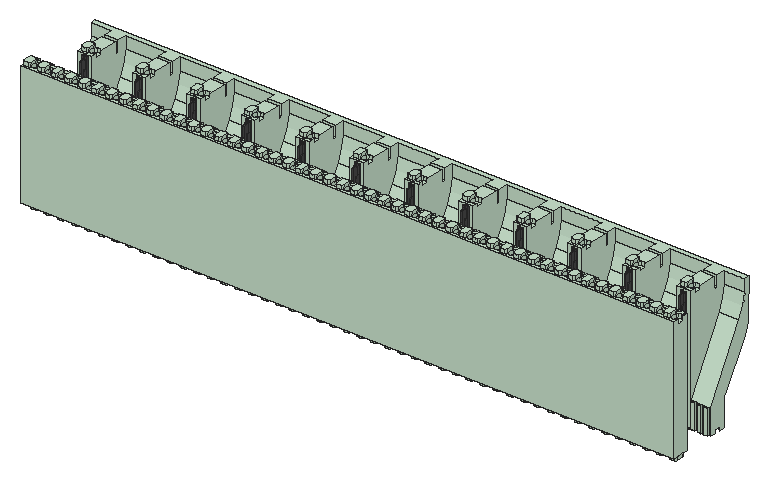
Revit family
Parameters (values of type "Standard 6" Form Unit")
  Core Thickness = 0' - 6"
Reference planes (in)
  plane 1 "Center (Front/Back)": y = 0
  plane 2: z = 0
  plane 3 "Center (Left/Right)": x = 0
  plane 4: x = 96
  plane 5: y = 2
  plane 6: y = -2
  plane 7: y = 4.625
  plane 8: y = -4.625
  plane 9: z = 18
  plane 10: z = 18.5
  plane 11: z = -0.5
Forms (in)
  Extrusion 1, solid, material "NUDURA Expanded Polystyrene Foam Insulation"
    sketch origin (0, 0, 0) x (1, 0, 0) y (0, 1, 0)
      loop
        line (0.28117, -2.25) -> (0, -2.25) -> (0, -4.625) -> (96, -4.625) -> (96, -2.25) -> (95.71883, -2.25) -> (95.78117, -2) -> (95.21883, -2) -> (95.28117, -2.25) -> (94.71883, -2.25) -> (94.78117, -2) -> (94.21883, -2) -> (94.28117, -2.25) -> (93.71883, -2.25) -> (93.78117, -2) -> (93.21883, -2) -> (93.28117, -2.25) -> (90.71883, -2.25) -> (90.78117, -2) -> (90.21883, -2) -> (90.28117, -2.25) -> (89.71883, -2.25) -> (89.78117, -2) -> (89.21883, -2) -> (89.28117, -2.25) -> (88.71883, -2.25) -> (88.78117, -2) -> (88.21883, -2) -> (88.28117, -2.25) -> (87.71883, -2.25) -> (87.78117, -2) -> (87.21883, -2) -> (87.28117, -2.25) -> (86.71883, -2.25) -> (86.78117, -2) -> (86.21883, -2) -> (86.28117, -2.25) -> (85.71883, -2.25) -> (85.78117, -2) -> (85.21883, -2) -> (85.28117, -2.25) -> (82.71883, -2.25) -> (82.78117, -2) -> (82.21883, -2) -> (82.28117, -2.25) -> (81.71883, -2.25) -> (81.78117, -2) -> (81.21883, -2) -> (81.28117, -2.25) -> (80.71883, -2.25) -> (80.78117, -2) -> (80.21883, -2) -> (80.28117, -2.25) -> (79.71883, -2.25) -> (79.78117, -2) -> (79.21883, -2) -> (79.28117, -2.25) -> (78.71883, -2.25) -> (78.78117, -2) -> (78.21883, -2) -> (78.28117, -2.25) -> (77.71883, -2.25) -> (77.78117, -2) -> (77.21883, -2) -> (77.28117, -2.25) -> (74.71883, -2.25) -> (74.78117, -2) -> (74.21883, -2) -> (74.28117, -2.25) -> (73.71883, -2.25) -> (73.78117, -2) -> (73.21883, -2) -> (73.28117, -2.25) -> (72.71883, -2.25) -> (72.78117, -2) -> (72.21883, -2) -> (72.28117, -2.25) -> (71.71883, -2.25) -> (71.78117, -2) -> (71.21883, -2) -> (71.28117, -2.25) -> (70.71883, -2.25) -> (70.78117, -2) -> (70.21883, -2) -> (70.28117, -2.25) -> (69.71883, -2.25) -> (69.78117, -2) -> (69.21883, -2) -> (69.28117, -2.25) -> (66.71883, -2.25) -> (66.78117, -2) -> (66.21883, -2) -> (66.28117, -2.25) -> (65.71883, -2.25) -> (65.78117, -2) -> (65.21883, -2) -> (65.28117, -2.25) -> (64.71883, -2.25) -> (64.78117, -2) -> (64.21883, -2) -> (64.28117, -2.25) -> (63.71883, -2.25) -> (63.78117, -2) -> (63.21883, -2) -> (63.28117, -2.25) -> (62.71883, -2.25) -> (62.78117, -2) -> (62.21883, -2) -> (62.28117, -2.25) -> (61.71883, -2.25) -> (61.78117, -2) -> (61.21883, -2) -> (61.28117, -2.25) -> (58.71883, -2.25) -> (58.78117, -2) -> (58.21883, -2) -> (58.28117, -2.25) -> (57.71883, -2.25) -> (57.78117, -2) -> (57.21883, -2) -> (57.28117, -2.25) -> (56.71883, -2.25) -> (56.78117, -2) -> (56.21883, -2) -> (56.28117, -2.25) -> (55.71883, -2.25) -> (55.78117, -2) -> (55.21883, -2) -> (55.28117, -2.25) -> (54.71883, -2.25) -> (54.78117, -2) -> (54.21883, -2) -> (54.28117, -2.25) -> (53.71883, -2.25) -> (53.78117, -2) -> (53.21883, -2) -> (53.28117, -2.25) -> (50.71883, -2.25) -> (50.78117, -2) -> (50.21883, -2) -> (50.28117, -2.25) -> (49.71883, -2.25) -> (49.78117, -2) -> (49.21883, -2) -> (49.28117, -2.25) -> (48.71883, -2.25) -> (48.78117, -2) -> (48.21883, -2) -> (48.28117, -2.25) -> (47.71883, -2.25) -> (47.78117, -2) -> (47.21883, -2) -> (47.28117, -2.25) -> (46.71883, -2.25) -> (46.78117, -2) -> (46.21883, -2) -> (46.28117, -2.25) -> (45.71883, -2.25) -> (45.78117, -2) -> (45.21883, -2) -> (45.28117, -2.25) -> (42.71883, -2.25) -> (42.78117, -2) -> (42.21883, -2) -> (42.28117, -2.25) -> (41.71883, -2.25) -> (41.78117, -2) -> (41.21883, -2) -> (41.28117, -2.25) -> (40.71883, -2.25) -> (40.78117, -2) -> (40.21883, -2) -> (40.28117, -2.25) -> (39.71883, -2.25) -> (39.78117, -2) -> (39.21883, -2) -> (39.28117, -2.25) -> (38.71883, -2.25) -> (38.78117, -2) -> (38.21883, -2) -> (38.28117, -2.25) -> (37.71883, -2.25) -> (37.78117, -2) -> (37.21883, -2) -> (37.28117, -2.25) -> (34.71883, -2.25) -> (34.78117, -2) -> (34.21883, -2) -> (34.28117, -2.25) -> (33.71883, -2.25) -> (33.78117, -2) -> (33.21883, -2) -> (33.28117, -2.25) -> (32.71883, -2.25) -> (32.78117, -2) -> (32.21883, -2) -> (32.28117, -2.25) -> (31.71883, -2.25) -> (31.78117, -2) -> (31.21883, -2) -> (31.28117, -2.25) -> (30.71883, -2.25) -> (30.78117, -2) -> (30.21883, -2) -> (30.28117, -2.25) -> (29.71883, -2.25) -> (29.78117, -2) -> (29.21883, -2) -> (29.28117, -2.25) -> (26.71883, -2.25) -> (26.78117, -2) -> (26.21883, -2) -> (26.28117, -2.25) -> (25.71883, -2.25) -> (25.78117, -2) -> (25.21883, -2) -> (25.28117, -2.25) -> (24.71883, -2.25) -> (24.78117, -2) -> (24.21883, -2) -> (24.28117, -2.25) -> (23.71883, -2.25) -> (23.78117, -2) -> (23.21883, -2) -> (23.28117, -2.25) -> (22.71883, -2.25) -> (22.78117, -2) -> (22.21883, -2) -> (22.28117, -2.25) -> (21.71883, -2.25) -> (21.78117, -2) -> (21.21883, -2) -> (21.28117, -2.25) -> (18.71883, -2.25) -> (18.78117, -2) -> (18.21883, -2) -> (18.28117, -2.25) -> (17.71883, -2.25) -> (17.78117, -2) -> (17.21883, -2) -> (17.28117, -2.25) -> (16.71883, -2.25) -> (16.78117, -2) -> (16.21883, -2) -> (16.28117, -2.25) -> (15.71883, -2.25) -> (15.78117, -2) -> (15.21883, -2) -> (15.28117, -2.25) -> (14.71883, -2.25) -> (14.78117, -2) -> (14.21883, -2) -> (14.28117, -2.25) -> (13.71883, -2.25) -> (13.78117, -2) -> (13.21883, -2) -> (13.28117, -2.25) -> (10.71883, -2.25) -> (10.78117, -2) -> (10.21883, -2) -> (10.28117, -2.25) -> (9.71883, -2.25) -> (9.78117, -2) -> (9.21883, -2) -> (9.28117, -2.25) -> (8.71883, -2.25) -> (8.78117, -2) -> (8.21883, -2) -> (8.28117, -2.25) -> (7.71883, -2.25) -> (7.78117, -2) -> (7.21883, -2) -> (7.28117, -2.25) -> (6.71883, -2.25) -> (6.78117, -2) -> (6.21883, -2) -> (6.28117, -2.25) -> (5.71883, -2.25) -> (5.78117, -2) -> (5.21883, -2) -> (5.28117, -2.25) -> (2.71883, -2.25) -> (2.78117, -2) -> (2.21883, -2) -> (2.28117, -2.25) -> (1.71883, -2.25) -> (1.78117, -2) -> (1.21883, -2) -> (1.28117, -2.25) -> (0.71883, -2.25) -> (0.78117, -2) -> (0.21883, -2) -> (0.28117, -2.25)
    from 0 to 18
  Extrusion 2, void
    sketch origin (0, 1, 0) x (1, 0, 0) y (0, 1, 0)
      loop
        arc (1, -4.89808) -> (1.04785, -5.04517) -> (1.17308, -5.13595) r 0.25
        arc (1.17308, -5.13595) -> (1.5, -5.1875) -> (1.82692, -5.13595) r 1.0625
        arc (1.82692, -5.13595) -> (1.95215, -5.04517) -> (2, -4.89808) r 0.25
        line (2, -4.89808) -> (2, -3.97692)
        arc (2, -3.97692) -> (1.98276, -3.88568) -> (1.9334, -3.80702) r 0.25
        arc (1.9334, -3.80702) -> (1.92106, -3.78736) -> (1.91675, -3.76455) r 0.0625
        line (1.91675, -3.76455) -> (1.91675, -3.41845) -> (1.74592, -3.41845) -> (1.74592, -3.64005)
        arc (1.74592, -3.64005) -> (1.72385, -3.68771) -> (1.67323, -3.70172) r 0.0625
        arc (1.67323, -3.70172) -> (1.42092, -3.69045) -> (1.17308, -3.73905) r 1.0625
        arc (1.17308, -3.73905) -> (1.04785, -3.82983) -> (1, -3.97692) r 0.25
        line (1, -3.97692) -> (1, -4.89808)
    from 18 to 17.5
  Extrusion 3, void
    sketch origin (2, 1, 0) x (1, 0, 0) y (0, 1, 0)
      loop
        arc (1, -4.89808) -> (1.04785, -5.04517) -> (1.17308, -5.13595) r 0.25
        arc (1.17308, -5.13595) -> (1.5, -5.1875) -> (1.82692, -5.13595) r 1.0625
        arc (1.82692, -5.13595) -> (1.95215, -5.04517) -> (2, -4.89808) r 0.25
        line (2, -4.89808) -> (2, -3.97692)
        arc (2, -3.97692) -> (1.98276, -3.88568) -> (1.9334, -3.80702) r 0.25
        arc (1.9334, -3.80702) -> (1.92106, -3.78736) -> (1.91675, -3.76455) r 0.0625
        line (1.91675, -3.76455) -> (1.91675, -3.41845) -> (1.74592, -3.41845) -> (1.74592, -3.64005)
        arc (1.74592, -3.64005) -> (1.72385, -3.68771) -> (1.67323, -3.70172) r 0.0625
        arc (1.67323, -3.70172) -> (1.42092, -3.69045) -> (1.17308, -3.73905) r 1.0625
        arc (1.17308, -3.73905) -> (1.04785, -3.82983) -> (1, -3.97692) r 0.25
        line (1, -3.97692) -> (1, -4.89808)
    from 18 to 17.5
  Extrusion 4, void
    sketch origin (4, 1, 0) x (1, 0, 0) y (0, 1, 0)
      loop
        arc (1, -4.89808) -> (1.04785, -5.04517) -> (1.17308, -5.13595) r 0.25
        arc (1.17308, -5.13595) -> (1.5, -5.1875) -> (1.82692, -5.13595) r 1.0625
        arc (1.82692, -5.13595) -> (1.95215, -5.04517) -> (2, -4.89808) r 0.25
        line (2, -4.89808) -> (2, -3.97692)
        arc (2, -3.97692) -> (1.98276, -3.88568) -> (1.9334, -3.80702) r 0.25
        arc (1.9334, -3.80702) -> (1.92106, -3.78736) -> (1.91675, -3.76455) r 0.0625
        line (1.91675, -3.76455) -> (1.91675, -3.41845) -> (1.74592, -3.41845) -> (1.74592, -3.64005)
        arc (1.74592, -3.64005) -> (1.72385, -3.68771) -> (1.67323, -3.70172) r 0.0625
        arc (1.67323, -3.70172) -> (1.42092, -3.69045) -> (1.17308, -3.73905) r 1.0625
        arc (1.17308, -3.73905) -> (1.04785, -3.82983) -> (1, -3.97692) r 0.25
        line (1, -3.97692) -> (1, -4.89808)
    from 18 to 17.5
  Extrusion 5, void
    sketch origin (6, 1, 0) x (1, 0, 0) y (0, 1, 0)
      loop
        arc (1, -4.89808) -> (1.04785, -5.04517) -> (1.17308, -5.13595) r 0.25
        arc (1.17308, -5.13595) -> (1.5, -5.1875) -> (1.82692, -5.13595) r 1.0625
        arc (1.82692, -5.13595) -> (1.95215, -5.04517) -> (2, -4.89808) r 0.25
        line (2, -4.89808) -> (2, -3.97692)
        arc (2, -3.97692) -> (1.98276, -3.88568) -> (1.9334, -3.80702) r 0.25
        arc (1.9334, -3.80702) -> (1.92106, -3.78736) -> (1.91675, -3.76455) r 0.0625
        line (1.91675, -3.76455) -> (1.91675, -3.41845) -> (1.74592, -3.41845) -> (1.74592, -3.64005)
        arc (1.74592, -3.64005) -> (1.72385, -3.68771) -> (1.67323, -3.70172) r 0.0625
        arc (1.67323, -3.70172) -> (1.42092, -3.69045) -> (1.17308, -3.73905) r 1.0625
        arc (1.17308, -3.73905) -> (1.04785, -3.82983) -> (1, -3.97692) r 0.25
        line (1, -3.97692) -> (1, -4.89808)
    from 18 to 17.5
  Extrusion 6, void
    sketch origin (8, 1, 0) x (1, 0, 0) y (0, 1, 0)
      loop
        arc (1, -4.89808) -> (1.04785, -5.04517) -> (1.17308, -5.13595) r 0.25
        arc (1.17308, -5.13595) -> (1.5, -5.1875) -> (1.82692, -5.13595) r 1.0625
        arc (1.82692, -5.13595) -> (1.95215, -5.04517) -> (2, -4.89808) r 0.25
        line (2, -4.89808) -> (2, -3.97692)
        arc (2, -3.97692) -> (1.98276, -3.88568) -> (1.9334, -3.80702) r 0.25
        arc (1.9334, -3.80702) -> (1.92106, -3.78736) -> (1.91675, -3.76455) r 0.0625
        line (1.91675, -3.76455) -> (1.91675, -3.41845) -> (1.74592, -3.41845) -> (1.74592, -3.64005)
        arc (1.74592, -3.64005) -> (1.72385, -3.68771) -> (1.67323, -3.70172) r 0.0625
        arc (1.67323, -3.70172) -> (1.42092, -3.69045) -> (1.17308, -3.73905) r 1.0625
        arc (1.17308, -3.73905) -> (1.04785, -3.82983) -> (1, -3.97692) r 0.25
        line (1, -3.97692) -> (1, -4.89808)
    from 18 to 17.5
  Extrusion 7, void
    sketch origin (10, 1, 0) x (1, 0, 0) y (0, 1, 0)
      loop
        arc (1, -4.89808) -> (1.04785, -5.04517) -> (1.17308, -5.13595) r 0.25
        arc (1.17308, -5.13595) -> (1.5, -5.1875) -> (1.82692, -5.13595) r 1.0625
        arc (1.82692, -5.13595) -> (1.95215, -5.04517) -> (2, -4.89808) r 0.25
        line (2, -4.89808) -> (2, -3.97692)
        arc (2, -3.97692) -> (1.98276, -3.88568) -> (1.9334, -3.80702) r 0.25
        arc (1.9334, -3.80702) -> (1.92106, -3.78736) -> (1.91675, -3.76455) r 0.0625
        line (1.91675, -3.76455) -> (1.91675, -3.41845) -> (1.74592, -3.41845) -> (1.74592, -3.64005)
        arc (1.74592, -3.64005) -> (1.72385, -3.68771) -> (1.67323, -3.70172) r 0.0625
        arc (1.67323, -3.70172) -> (1.42092, -3.69045) -> (1.17308, -3.73905) r 1.0625
        arc (1.17308, -3.73905) -> (1.04785, -3.82983) -> (1, -3.97692) r 0.25
        line (1, -3.97692) -> (1, -4.89808)
    from 18 to 17.5
  Extrusion 8, void
    sketch origin (12, 1, 0) x (1, 0, 0) y (0, 1, 0)
      loop
        arc (1, -4.89808) -> (1.04785, -5.04517) -> (1.17308, -5.13595) r 0.25
        arc (1.17308, -5.13595) -> (1.5, -5.1875) -> (1.82692, -5.13595) r 1.0625
        arc (1.82692, -5.13595) -> (1.95215, -5.04517) -> (2, -4.89808) r 0.25
        line (2, -4.89808) -> (2, -3.97692)
        arc (2, -3.97692) -> (1.98276, -3.88568) -> (1.9334, -3.80702) r 0.25
        arc (1.9334, -3.80702) -> (1.92106, -3.78736) -> (1.91675, -3.76455) r 0.0625
        line (1.91675, -3.76455) -> (1.91675, -3.41845) -> (1.74592, -3.41845) -> (1.74592, -3.64005)
        arc (1.74592, -3.64005) -> (1.72385, -3.68771) -> (1.67323, -3.70172) r 0.0625
        arc (1.67323, -3.70172) -> (1.42092, -3.69045) -> (1.17308, -3.73905) r 1.0625
        arc (1.17308, -3.73905) -> (1.04785, -3.82983) -> (1, -3.97692) r 0.25
        line (1, -3.97692) -> (1, -4.89808)
    from 18 to 17.5
  Extrusion 9, void
    sketch origin (14, 1, 0) x (1, 0, 0) y (0, 1, 0)
      loop
        arc (1, -4.89808) -> (1.04785, -5.04517) -> (1.17308, -5.13595) r 0.25
        arc (1.17308, -5.13595) -> (1.5, -5.1875) -> (1.82692, -5.13595) r 1.0625
        arc (1.82692, -5.13595) -> (1.95215, -5.04517) -> (2, -4.89808) r 0.25
        line (2, -4.89808) -> (2, -3.97692)
        arc (2, -3.97692) -> (1.98276, -3.88568) -> (1.9334, -3.80702) r 0.25
        arc (1.9334, -3.80702) -> (1.92106, -3.78736) -> (1.91675, -3.76455) r 0.0625
        line (1.91675, -3.76455) -> (1.91675, -3.41845) -> (1.74592, -3.41845) -> (1.74592, -3.64005)
        arc (1.74592, -3.64005) -> (1.72385, -3.68771) -> (1.67323, -3.70172) r 0.0625
        arc (1.67323, -3.70172) -> (1.42092, -3.69045) -> (1.17308, -3.73905) r 1.0625
        arc (1.17308, -3.73905) -> (1.04785, -3.82983) -> (1, -3.97692) r 0.25
        line (1, -3.97692) -> (1, -4.89808)
    from 18 to 17.5
  Extrusion 10, void
    sketch origin (16, 1, 0) x (1, 0, 0) y (0, 1, 0)
      loop
        arc (1, -4.89808) -> (1.04785, -5.04517) -> (1.17308, -5.13595) r 0.25
        arc (1.17308, -5.13595) -> (1.5, -5.1875) -> (1.82692, -5.13595) r 1.0625
        arc (1.82692, -5.13595) -> (1.95215, -5.04517) -> (2, -4.89808) r 0.25
        line (2, -4.89808) -> (2, -3.97692)
        arc (2, -3.97692) -> (1.98276, -3.88568) -> (1.9334, -3.80702) r 0.25
        arc (1.9334, -3.80702) -> (1.92106, -3.78736) -> (1.91675, -3.76455) r 0.0625
        line (1.91675, -3.76455) -> (1.91675, -3.41845) -> (1.74592, -3.41845) -> (1.74592, -3.64005)
        arc (1.74592, -3.64005) -> (1.72385, -3.68771) -> (1.67323, -3.70172) r 0.0625
        arc (1.67323, -3.70172) -> (1.42092, -3.69045) -> (1.17308, -3.73905) r 1.0625
        arc (1.17308, -3.73905) -> (1.04785, -3.82983) -> (1, -3.97692) r 0.25
        line (1, -3.97692) -> (1, -4.89808)
    from 18 to 17.5
  Extrusion 11, void
    sketch origin (18, 1, 0) x (1, 0, 0) y (0, 1, 0)
      loop
        arc (1, -4.89808) -> (1.04785, -5.04517) -> (1.17308, -5.13595) r 0.25
        arc (1.17308, -5.13595) -> (1.5, -5.1875) -> (1.82692, -5.13595) r 1.0625
        arc (1.82692, -5.13595) -> (1.95215, -5.04517) -> (2, -4.89808) r 0.25
        line (2, -4.89808) -> (2, -3.97692)
        arc (2, -3.97692) -> (1.98276, -3.88568) -> (1.9334, -3.80702) r 0.25
        arc (1.9334, -3.80702) -> (1.92106, -3.78736) -> (1.91675, -3.76455) r 0.0625
        line (1.91675, -3.76455) -> (1.91675, -3.41845) -> (1.74592, -3.41845) -> (1.74592, -3.64005)
        arc (1.74592, -3.64005) -> (1.72385, -3.68771) -> (1.67323, -3.70172) r 0.0625
        arc (1.67323, -3.70172) -> (1.42092, -3.69045) -> (1.17308, -3.73905) r 1.0625
        arc (1.17308, -3.73905) -> (1.04785, -3.82983) -> (1, -3.97692) r 0.25
        line (1, -3.97692) -> (1, -4.89808)
    from 18 to 17.5
  Extrusion 12, void
    sketch origin (20, 1, 0) x (1, 0, 0) y (0, 1, 0)
      loop
        arc (1, -4.89808) -> (1.04785, -5.04517) -> (1.17308, -5.13595) r 0.25
        arc (1.17308, -5.13595) -> (1.5, -5.1875) -> (1.82692, -5.13595) r 1.0625
        arc (1.82692, -5.13595) -> (1.95215, -5.04517) -> (2, -4.89808) r 0.25
        line (2, -4.89808) -> (2, -3.97692)
        arc (2, -3.97692) -> (1.98276, -3.88568) -> (1.9334, -3.80702) r 0.25
        arc (1.9334, -3.80702) -> (1.92106, -3.78736) -> (1.91675, -3.76455) r 0.0625
        line (1.91675, -3.76455) -> (1.91675, -3.41845) -> (1.74592, -3.41845) -> (1.74592, -3.64005)
        arc (1.74592, -3.64005) -> (1.72385, -3.68771) -> (1.67323, -3.70172) r 0.0625
        arc (1.67323, -3.70172) -> (1.42092, -3.69045) -> (1.17308, -3.73905) r 1.0625
        arc (1.17308, -3.73905) -> (1.04785, -3.82983) -> (1, -3.97692) r 0.25
        line (1, -3.97692) -> (1, -4.89808)
    from 18 to 17.5
  Extrusion 13, void
    sketch origin (22, 1, 0) x (1, 0, 0) y (0, 1, 0)
      loop
        arc (1, -4.89808) -> (1.04785, -5.04517) -> (1.17308, -5.13595) r 0.25
        arc (1.17308, -5.13595) -> (1.5, -5.1875) -> (1.82692, -5.13595) r 1.0625
        arc (1.82692, -5.13595) -> (1.95215, -5.04517) -> (2, -4.89808) r 0.25
        line (2, -4.89808) -> (2, -3.97692)
        arc (2, -3.97692) -> (1.98276, -3.88568) -> (1.9334, -3.80702) r 0.25
        arc (1.9334, -3.80702) -> (1.92106, -3.78736) -> (1.91675, -3.76455) r 0.0625
        line (1.91675, -3.76455) -> (1.91675, -3.41845) -> (1.74592, -3.41845) -> (1.74592, -3.64005)
        arc (1.74592, -3.64005) -> (1.72385, -3.68771) -> (1.67323, -3.70172) r 0.0625
        arc (1.67323, -3.70172) -> (1.42092, -3.69045) -> (1.17308, -3.73905) r 1.0625
        arc (1.17308, -3.73905) -> (1.04785, -3.82983) -> (1, -3.97692) r 0.25
        line (1, -3.97692) -> (1, -4.89808)
    from 18 to 17.5
  Extrusion 14, void
    sketch origin (24, 1, 0) x (1, 0, 0) y (0, 1, 0)
      loop
        arc (1, -4.89808) -> (1.04785, -5.04517) -> (1.17308, -5.13595) r 0.25
        arc (1.17308, -5.13595) -> (1.5, -5.1875) -> (1.82692, -5.13595) r 1.0625
        arc (1.82692, -5.13595) -> (1.95215, -5.04517) -> (2, -4.89808) r 0.25
        line (2, -4.89808) -> (2, -3.97692)
        arc (2, -3.97692) -> (1.98276, -3.88568) -> (1.9334, -3.80702) r 0.25
        arc (1.9334, -3.80702) -> (1.92106, -3.78736) -> (1.91675, -3.76455) r 0.0625
        line (1.91675, -3.76455) -> (1.91675, -3.41845) -> (1.74592, -3.41845) -> (1.74592, -3.64005)
        arc (1.74592, -3.64005) -> (1.72385, -3.68771) -> (1.67323, -3.70172) r 0.0625
        arc (1.67323, -3.70172) -> (1.42092, -3.69045) -> (1.17308, -3.73905) r 1.0625
        arc (1.17308, -3.73905) -> (1.04785, -3.82983) -> (1, -3.97692) r 0.25
        line (1, -3.97692) -> (1, -4.89808)
    from 18 to 17.5
  Extrusion 15, void
    sketch origin (26, 1, 0) x (1, 0, 0) y (0, 1, 0)
      loop
        arc (1, -4.89808) -> (1.04785, -5.04517) -> (1.17308, -5.13595) r 0.25
        arc (1.17308, -5.13595) -> (1.5, -5.1875) -> (1.82692, -5.13595) r 1.0625
        arc (1.82692, -5.13595) -> (1.95215, -5.04517) -> (2, -4.89808) r 0.25
        line (2, -4.89808) -> (2, -3.97692)
        arc (2, -3.97692) -> (1.98276, -3.88568) -> (1.9334, -3.80702) r 0.25
        arc (1.9334, -3.80702) -> (1.92106, -3.78736) -> (1.91675, -3.76455) r 0.0625
        line (1.91675, -3.76455) -> (1.91675, -3.41845) -> (1.74592, -3.41845) -> (1.74592, -3.64005)
        arc (1.74592, -3.64005) -> (1.72385, -3.68771) -> (1.67323, -3.70172) r 0.0625
        arc (1.67323, -3.70172) -> (1.42092, -3.69045) -> (1.17308, -3.73905) r 1.0625
        arc (1.17308, -3.73905) -> (1.04785, -3.82983) -> (1, -3.97692) r 0.25
        line (1, -3.97692) -> (1, -4.89808)
    from 18 to 17.5
  Extrusion 16, void
    sketch origin (28, 1, 0) x (1, 0, 0) y (0, 1, 0)
      loop
        arc (1, -4.89808) -> (1.04785, -5.04517) -> (1.17308, -5.13595) r 0.25
        arc (1.17308, -5.13595) -> (1.5, -5.1875) -> (1.82692, -5.13595) r 1.0625
        arc (1.82692, -5.13595) -> (1.95215, -5.04517) -> (2, -4.89808) r 0.25
        line (2, -4.89808) -> (2, -3.97692)
        arc (2, -3.97692) -> (1.98276, -3.88568) -> (1.9334, -3.80702) r 0.25
        arc (1.9334, -3.80702) -> (1.92106, -3.78736) -> (1.91675, -3.76455) r 0.0625
        line (1.91675, -3.76455) -> (1.91675, -3.41845) -> (1.74592, -3.41845) -> (1.74592, -3.64005)
        arc (1.74592, -3.64005) -> (1.72385, -3.68771) -> (1.67323, -3.70172) r 0.0625
        arc (1.67323, -3.70172) -> (1.42092, -3.69045) -> (1.17308, -3.73905) r 1.0625
        arc (1.17308, -3.73905) -> (1.04785, -3.82983) -> (1, -3.97692) r 0.25
        line (1, -3.97692) -> (1, -4.89808)
    from 18 to 17.5
  Extrusion 17, void
    sketch origin (30, 1, 0) x (1, 0, 0) y (0, 1, 0)
      loop
        arc (1, -4.89808) -> (1.04785, -5.04517) -> (1.17308, -5.13595) r 0.25
        arc (1.17308, -5.13595) -> (1.5, -5.1875) -> (1.82692, -5.13595) r 1.0625
        arc (1.82692, -5.13595) -> (1.95215, -5.04517) -> (2, -4.89808) r 0.25
        line (2, -4.89808) -> (2, -3.97692)
        arc (2, -3.97692) -> (1.98276, -3.88568) -> (1.9334, -3.80702) r 0.25
        arc (1.9334, -3.80702) -> (1.92106, -3.78736) -> (1.91675, -3.76455) r 0.0625
        line (1.91675, -3.76455) -> (1.91675, -3.41845) -> (1.74592, -3.41845) -> (1.74592, -3.64005)
        arc (1.74592, -3.64005) -> (1.72385, -3.68771) -> (1.67323, -3.70172) r 0.0625
        arc (1.67323, -3.70172) -> (1.42092, -3.69045) -> (1.17308, -3.73905) r 1.0625
        arc (1.17308, -3.73905) -> (1.04785, -3.82983) -> (1, -3.97692) r 0.25
        line (1, -3.97692) -> (1, -4.89808)
    from 18 to 17.5
  Extrusion 18, void
    sketch origin (32, 1, 0) x (1, 0, 0) y (0, 1, 0)
      loop
        arc (1, -4.89808) -> (1.04785, -5.04517) -> (1.17308, -5.13595) r 0.25
        arc (1.17308, -5.13595) -> (1.5, -5.1875) -> (1.82692, -5.13595) r 1.0625
        arc (1.82692, -5.13595) -> (1.95215, -5.04517) -> (2, -4.89808) r 0.25
        line (2, -4.89808) -> (2, -3.97692)
        arc (2, -3.97692) -> (1.98276, -3.88568) -> (1.9334, -3.80702) r 0.25
        arc (1.9334, -3.80702) -> (1.92106, -3.78736) -> (1.91675, -3.76455) r 0.0625
        line (1.91675, -3.76455) -> (1.91675, -3.41845) -> (1.74592, -3.41845) -> (1.74592, -3.64005)
        arc (1.74592, -3.64005) -> (1.72385, -3.68771) -> (1.67323, -3.70172) r 0.0625
        arc (1.67323, -3.70172) -> (1.42092, -3.69045) -> (1.17308, -3.73905) r 1.0625
        arc (1.17308, -3.73905) -> (1.04785, -3.82983) -> (1, -3.97692) r 0.25
        line (1, -3.97692) -> (1, -4.89808)
    from 18 to 17.5
  Extrusion 19, void
    sketch origin (34, 1, 0) x (1, 0, 0) y (0, 1, 0)
      loop
        arc (1, -4.89808) -> (1.04785, -5.04517) -> (1.17308, -5.13595) r 0.25
        arc (1.17308, -5.13595) -> (1.5, -5.1875) -> (1.82692, -5.13595) r 1.0625
        arc (1.82692, -5.13595) -> (1.95215, -5.04517) -> (2, -4.89808) r 0.25
        line (2, -4.89808) -> (2, -3.97692)
        arc (2, -3.97692) -> (1.98276, -3.88568) -> (1.9334, -3.80702) r 0.25
        arc (1.9334, -3.80702) -> (1.92106, -3.78736) -> (1.91675, -3.76455) r 0.0625
        line (1.91675, -3.76455) -> (1.91675, -3.41845) -> (1.74592, -3.41845) -> (1.74592, -3.64005)
        arc (1.74592, -3.64005) -> (1.72385, -3.68771) -> (1.67323, -3.70172) r 0.0625
        arc (1.67323, -3.70172) -> (1.42092, -3.69045) -> (1.17308, -3.73905) r 1.0625
        arc (1.17308, -3.73905) -> (1.04785, -3.82983) -> (1, -3.97692) r 0.25
        line (1, -3.97692) -> (1, -4.89808)
    from 18 to 17.5
  Extrusion 20, void
    sketch origin (36, 1, 0) x (1, 0, 0) y (0, 1, 0)
      loop
        arc (1, -4.89808) -> (1.04785, -5.04517) -> (1.17308, -5.13595) r 0.25
        arc (1.17308, -5.13595) -> (1.5, -5.1875) -> (1.82692, -5.13595) r 1.0625
        arc (1.82692, -5.13595) -> (1.95215, -5.04517) -> (2, -4.89808) r 0.25
        line (2, -4.89808) -> (2, -3.97692)
        arc (2, -3.97692) -> (1.98276, -3.88568) -> (1.9334, -3.80702) r 0.25
        arc (1.9334, -3.80702) -> (1.92106, -3.78736) -> (1.91675, -3.76455) r 0.0625
        line (1.91675, -3.76455) -> (1.91675, -3.41845) -> (1.74592, -3.41845) -> (1.74592, -3.64005)
        arc (1.74592, -3.64005) -> (1.72385, -3.68771) -> (1.67323, -3.70172) r 0.0625
        arc (1.67323, -3.70172) -> (1.42092, -3.69045) -> (1.17308, -3.73905) r 1.0625
        arc (1.17308, -3.73905) -> (1.04785, -3.82983) -> (1, -3.97692) r 0.25
        line (1, -3.97692) -> (1, -4.89808)
    from 18 to 17.5
  Extrusion 21, void
    sketch origin (38, 1, 0) x (1, 0, 0) y (0, 1, 0)
      loop
        arc (1, -4.89808) -> (1.04785, -5.04517) -> (1.17308, -5.13595) r 0.25
        arc (1.17308, -5.13595) -> (1.5, -5.1875) -> (1.82692, -5.13595) r 1.0625
        arc (1.82692, -5.13595) -> (1.95215, -5.04517) -> (2, -4.89808) r 0.25
        line (2, -4.89808) -> (2, -3.97692)
        arc (2, -3.97692) -> (1.98276, -3.88568) -> (1.9334, -3.80702) r 0.25
        arc (1.9334, -3.80702) -> (1.92106, -3.78736) -> (1.91675, -3.76455) r 0.0625
        line (1.91675, -3.76455) -> (1.91675, -3.41845) -> (1.74592, -3.41845) -> (1.74592, -3.64005)
        arc (1.74592, -3.64005) -> (1.72385, -3.68771) -> (1.67323, -3.70172) r 0.0625
        arc (1.67323, -3.70172) -> (1.42092, -3.69045) -> (1.17308, -3.73905) r 1.0625
        arc (1.17308, -3.73905) -> (1.04785, -3.82983) -> (1, -3.97692) r 0.25
        line (1, -3.97692) -> (1, -4.89808)
    from 18 to 17.5
  Extrusion 22, void
    sketch origin (40, 1, 0) x (1, 0, 0) y (0, 1, 0)
      loop
        arc (1, -4.89808) -> (1.04785, -5.04517) -> (1.17308, -5.13595) r 0.25
        arc (1.17308, -5.13595) -> (1.5, -5.1875) -> (1.82692, -5.13595) r 1.0625
        arc (1.82692, -5.13595) -> (1.95215, -5.04517) -> (2, -4.89808) r 0.25
        line (2, -4.89808) -> (2, -3.97692)
        arc (2, -3.97692) -> (1.98276, -3.88568) -> (1.9334, -3.80702) r 0.25
        arc (1.9334, -3.80702) -> (1.92106, -3.78736) -> (1.91675, -3.76455) r 0.0625
        line (1.91675, -3.76455) -> (1.91675, -3.41845) -> (1.74592, -3.41845) -> (1.74592, -3.64005)
        arc (1.74592, -3.64005) -> (1.72385, -3.68771) -> (1.67323, -3.70172) r 0.0625
        arc (1.67323, -3.70172) -> (1.42092, -3.69045) -> (1.17308, -3.73905) r 1.0625
        arc (1.17308, -3.73905) -> (1.04785, -3.82983) -> (1, -3.97692) r 0.25
        line (1, -3.97692) -> (1, -4.89808)
    from 18 to 17.5
  Extrusion 23, void
    sketch origin (42, 1, 0) x (1, 0, 0) y (0, 1, 0)
      loop
        arc (1, -4.89808) -> (1.04785, -5.04517) -> (1.17308, -5.13595) r 0.25
        arc (1.17308, -5.13595) -> (1.5, -5.1875) -> (1.82692, -5.13595) r 1.0625
        arc (1.82692, -5.13595) -> (1.95215, -5.04517) -> (2, -4.89808) r 0.25
        line (2, -4.89808) -> (2, -3.97692)
        arc (2, -3.97692) -> (1.98276, -3.88568) -> (1.9334, -3.80702) r 0.25
        arc (1.9334, -3.80702) -> (1.92106, -3.78736) -> (1.91675, -3.76455) r 0.0625
        line (1.91675, -3.76455) -> (1.91675, -3.41845) -> (1.74592, -3.41845) -> (1.74592, -3.64005)
        arc (1.74592, -3.64005) -> (1.72385, -3.68771) -> (1.67323, -3.70172) r 0.0625
        arc (1.67323, -3.70172) -> (1.42092, -3.69045) -> (1.17308, -3.73905) r 1.0625
        arc (1.17308, -3.73905) -> (1.04785, -3.82983) -> (1, -3.97692) r 0.25
        line (1, -3.97692) -> (1, -4.89808)
    from 18 to 17.5
  Extrusion 24, void
    sketch origin (44, 1, 0) x (1, 0, 0) y (0, 1, 0)
      loop
        arc (1, -4.89808) -> (1.04785, -5.04517) -> (1.17308, -5.13595) r 0.25
        arc (1.17308, -5.13595) -> (1.5, -5.1875) -> (1.82692, -5.13595) r 1.0625
        arc (1.82692, -5.13595) -> (1.95215, -5.04517) -> (2, -4.89808) r 0.25
        line (2, -4.89808) -> (2, -3.97692)
        arc (2, -3.97692) -> (1.98276, -3.88568) -> (1.9334, -3.80702) r 0.25
        arc (1.9334, -3.80702) -> (1.92106, -3.78736) -> (1.91675, -3.76455) r 0.0625
        line (1.91675, -3.76455) -> (1.91675, -3.41845) -> (1.74592, -3.41845) -> (1.74592, -3.64005)
        arc (1.74592, -3.64005) -> (1.72385, -3.68771) -> (1.67323, -3.70172) r 0.0625
        arc (1.67323, -3.70172) -> (1.42092, -3.69045) -> (1.17308, -3.73905) r 1.0625
        arc (1.17308, -3.73905) -> (1.04785, -3.82983) -> (1, -3.97692) r 0.25
        line (1, -3.97692) -> (1, -4.89808)
    from 18 to 17.5
  Extrusion 25, void
    sketch origin (46, 1, 0) x (1, 0, 0) y (0, 1, 0)
      loop
        arc (1, -4.89808) -> (1.04785, -5.04517) -> (1.17308, -5.13595) r 0.25
        arc (1.17308, -5.13595) -> (1.5, -5.1875) -> (1.82692, -5.13595) r 1.0625
        arc (1.82692, -5.13595) -> (1.95215, -5.04517) -> (2, -4.89808) r 0.25
        line (2, -4.89808) -> (2, -3.97692)
        arc (2, -3.97692) -> (1.98276, -3.88568) -> (1.9334, -3.80702) r 0.25
        arc (1.9334, -3.80702) -> (1.92106, -3.78736) -> (1.91675, -3.76455) r 0.0625
        line (1.91675, -3.76455) -> (1.91675, -3.41845) -> (1.74592, -3.41845) -> (1.74592, -3.64005)
        arc (1.74592, -3.64005) -> (1.72385, -3.68771) -> (1.67323, -3.70172) r 0.0625
        arc (1.67323, -3.70172) -> (1.42092, -3.69045) -> (1.17308, -3.73905) r 1.0625
        arc (1.17308, -3.73905) -> (1.04785, -3.82983) -> (1, -3.97692) r 0.25
        line (1, -3.97692) -> (1, -4.89808)
    from 18 to 17.5
  Extrusion 26, void
    sketch origin (48, 1, 0) x (1, 0, 0) y (0, 1, 0)
      loop
        arc (1, -4.89808) -> (1.04785, -5.04517) -> (1.17308, -5.13595) r 0.25
        arc (1.17308, -5.13595) -> (1.5, -5.1875) -> (1.82692, -5.13595) r 1.0625
        arc (1.82692, -5.13595) -> (1.95215, -5.04517) -> (2, -4.89808) r 0.25
        line (2, -4.89808) -> (2, -3.97692)
        arc (2, -3.97692) -> (1.98276, -3.88568) -> (1.9334, -3.80702) r 0.25
        arc (1.9334, -3.80702) -> (1.92106, -3.78736) -> (1.91675, -3.76455) r 0.0625
        line (1.91675, -3.76455) -> (1.91675, -3.41845) -> (1.74592, -3.41845) -> (1.74592, -3.64005)
        arc (1.74592, -3.64005) -> (1.72385, -3.68771) -> (1.67323, -3.70172) r 0.0625
        arc (1.67323, -3.70172) -> (1.42092, -3.69045) -> (1.17308, -3.73905) r 1.0625
        arc (1.17308, -3.73905) -> (1.04785, -3.82983) -> (1, -3.97692) r 0.25
        line (1, -3.97692) -> (1, -4.89808)
    from 18 to 17.5
  Extrusion 27, void
    sketch origin (50, 1, 0) x (1, 0, 0) y (0, 1, 0)
      loop
        arc (1, -4.89808) -> (1.04785, -5.04517) -> (1.17308, -5.13595) r 0.25
        arc (1.17308, -5.13595) -> (1.5, -5.1875) -> (1.82692, -5.13595) r 1.0625
        arc (1.82692, -5.13595) -> (1.95215, -5.04517) -> (2, -4.89808) r 0.25
        line (2, -4.89808) -> (2, -3.97692)
        arc (2, -3.97692) -> (1.98276, -3.88568) -> (1.9334, -3.80702) r 0.25
        arc (1.9334, -3.80702) -> (1.92106, -3.78736) -> (1.91675, -3.76455) r 0.0625
        line (1.91675, -3.76455) -> (1.91675, -3.41845) -> (1.74592, -3.41845) -> (1.74592, -3.64005)
        arc (1.74592, -3.64005) -> (1.72385, -3.68771) -> (1.67323, -3.70172) r 0.0625
        arc (1.67323, -3.70172) -> (1.42092, -3.69045) -> (1.17308, -3.73905) r 1.0625
        arc (1.17308, -3.73905) -> (1.04785, -3.82983) -> (1, -3.97692) r 0.25
        line (1, -3.97692) -> (1, -4.89808)
    from 18 to 17.5
  Extrusion 28, void
    sketch origin (52, 1, 0) x (1, 0, 0) y (0, 1, 0)
      loop
        arc (1, -4.89808) -> (1.04785, -5.04517) -> (1.17308, -5.13595) r 0.25
        arc (1.17308, -5.13595) -> (1.5, -5.1875) -> (1.82692, -5.13595) r 1.0625
        arc (1.82692, -5.13595) -> (1.95215, -5.04517) -> (2, -4.89808) r 0.25
        line (2, -4.89808) -> (2, -3.97692)
        arc (2, -3.97692) -> (1.98276, -3.88568) -> (1.9334, -3.80702) r 0.25
        arc (1.9334, -3.80702) -> (1.92106, -3.78736) -> (1.91675, -3.76455) r 0.0625
        line (1.91675, -3.76455) -> (1.91675, -3.41845) -> (1.74592, -3.41845) -> (1.74592, -3.64005)
        arc (1.74592, -3.64005) -> (1.72385, -3.68771) -> (1.67323, -3.70172) r 0.0625
        arc (1.67323, -3.70172) -> (1.42092, -3.69045) -> (1.17308, -3.73905) r 1.0625
        arc (1.17308, -3.73905) -> (1.04785, -3.82983) -> (1, -3.97692) r 0.25
        line (1, -3.97692) -> (1, -4.89808)
    from 18 to 17.5
  Extrusion 29, void
    sketch origin (54, 1, 0) x (1, 0, 0) y (0, 1, 0)
      loop
        arc (1, -4.89808) -> (1.04785, -5.04517) -> (1.17308, -5.13595) r 0.25
        arc (1.17308, -5.13595) -> (1.5, -5.1875) -> (1.82692, -5.13595) r 1.0625
        arc (1.82692, -5.13595) -> (1.95215, -5.04517) -> (2, -4.89808) r 0.25
        line (2, -4.89808) -> (2, -3.97692)
        arc (2, -3.97692) -> (1.98276, -3.88568) -> (1.9334, -3.80702) r 0.25
        arc (1.9334, -3.80702) -> (1.92106, -3.78736) -> (1.91675, -3.76455) r 0.0625
        line (1.91675, -3.76455) -> (1.91675, -3.41845) -> (1.74592, -3.41845) -> (1.74592, -3.64005)
        arc (1.74592, -3.64005) -> (1.72385, -3.68771) -> (1.67323, -3.70172) r 0.0625
        arc (1.67323, -3.70172) -> (1.42092, -3.69045) -> (1.17308, -3.73905) r 1.0625
        arc (1.17308, -3.73905) -> (1.04785, -3.82983) -> (1, -3.97692) r 0.25
        line (1, -3.97692) -> (1, -4.89808)
    from 18 to 17.5
  Extrusion 30, void
    sketch origin (56, 1, 0) x (1, 0, 0) y (0, 1, 0)
      loop
        arc (1, -4.89808) -> (1.04785, -5.04517) -> (1.17308, -5.13595) r 0.25
        arc (1.17308, -5.13595) -> (1.5, -5.1875) -> (1.82692, -5.13595) r 1.0625
        arc (1.82692, -5.13595) -> (1.95215, -5.04517) -> (2, -4.89808) r 0.25
        line (2, -4.89808) -> (2, -3.97692)
        arc (2, -3.97692) -> (1.98276, -3.88568) -> (1.9334, -3.80702) r 0.25
        arc (1.9334, -3.80702) -> (1.92106, -3.78736) -> (1.91675, -3.76455) r 0.0625
        line (1.91675, -3.76455) -> (1.91675, -3.41845) -> (1.74592, -3.41845) -> (1.74592, -3.64005)
        arc (1.74592, -3.64005) -> (1.72385, -3.68771) -> (1.67323, -3.70172) r 0.0625
        arc (1.67323, -3.70172) -> (1.42092, -3.69045) -> (1.17308, -3.73905) r 1.0625
        arc (1.17308, -3.73905) -> (1.04785, -3.82983) -> (1, -3.97692) r 0.25
        line (1, -3.97692) -> (1, -4.89808)
    from 18 to 17.5
  Extrusion 31, void
    sketch origin (58, 1, 0) x (1, 0, 0) y (0, 1, 0)
      loop
        arc (1, -4.89808) -> (1.04785, -5.04517) -> (1.17308, -5.13595) r 0.25
        arc (1.17308, -5.13595) -> (1.5, -5.1875) -> (1.82692, -5.13595) r 1.0625
        arc (1.82692, -5.13595) -> (1.95215, -5.04517) -> (2, -4.89808) r 0.25
        line (2, -4.89808) -> (2, -3.97692)
        arc (2, -3.97692) -> (1.98276, -3.88568) -> (1.9334, -3.80702) r 0.25
        arc (1.9334, -3.80702) -> (1.92106, -3.78736) -> (1.91675, -3.76455) r 0.0625
        line (1.91675, -3.76455) -> (1.91675, -3.41845) -> (1.74592, -3.41845) -> (1.74592, -3.64005)
        arc (1.74592, -3.64005) -> (1.72385, -3.68771) -> (1.67323, -3.70172) r 0.0625
        arc (1.67323, -3.70172) -> (1.42092, -3.69045) -> (1.17308, -3.73905) r 1.0625
        arc (1.17308, -3.73905) -> (1.04785, -3.82983) -> (1, -3.97692) r 0.25
        line (1, -3.97692) -> (1, -4.89808)
    from 18 to 17.5
  Extrusion 32, void
    sketch origin (60, 1, 0) x (1, 0, 0) y (0, 1, 0)
      loop
        arc (1, -4.89808) -> (1.04785, -5.04517) -> (1.17308, -5.13595) r 0.25
        arc (1.17308, -5.13595) -> (1.5, -5.1875) -> (1.82692, -5.13595) r 1.0625
        arc (1.82692, -5.13595) -> (1.95215, -5.04517) -> (2, -4.89808) r 0.25
        line (2, -4.89808) -> (2, -3.97692)
        arc (2, -3.97692) -> (1.98276, -3.88568) -> (1.9334, -3.80702) r 0.25
        arc (1.9334, -3.80702) -> (1.92106, -3.78736) -> (1.91675, -3.76455) r 0.0625
        line (1.91675, -3.76455) -> (1.91675, -3.41845) -> (1.74592, -3.41845) -> (1.74592, -3.64005)
        arc (1.74592, -3.64005) -> (1.72385, -3.68771) -> (1.67323, -3.70172) r 0.0625
        arc (1.67323, -3.70172) -> (1.42092, -3.69045) -> (1.17308, -3.73905) r 1.0625
        arc (1.17308, -3.73905) -> (1.04785, -3.82983) -> (1, -3.97692) r 0.25
        line (1, -3.97692) -> (1, -4.89808)
    from 18 to 17.5
  Extrusion 33, void
    sketch origin (62, 1, 0) x (1, 0, 0) y (0, 1, 0)
      loop
        arc (1, -4.89808) -> (1.04785, -5.04517) -> (1.17308, -5.13595) r 0.25
        arc (1.17308, -5.13595) -> (1.5, -5.1875) -> (1.82692, -5.13595) r 1.0625
        arc (1.82692, -5.13595) -> (1.95215, -5.04517) -> (2, -4.89808) r 0.25
        line (2, -4.89808) -> (2, -3.97692)
        arc (2, -3.97692) -> (1.98276, -3.88568) -> (1.9334, -3.80702) r 0.25
        arc (1.9334, -3.80702) -> (1.92106, -3.78736) -> (1.91675, -3.76455) r 0.0625
        line (1.91675, -3.76455) -> (1.91675, -3.41845) -> (1.74592, -3.41845) -> (1.74592, -3.64005)
        arc (1.74592, -3.64005) -> (1.72385, -3.68771) -> (1.67323, -3.70172) r 0.0625
        arc (1.67323, -3.70172) -> (1.42092, -3.69045) -> (1.17308, -3.73905) r 1.0625
        arc (1.17308, -3.73905) -> (1.04785, -3.82983) -> (1, -3.97692) r 0.25
        line (1, -3.97692) -> (1, -4.89808)
    from 18 to 17.5
  Extrusion 34, void
    sketch origin (64, 1, 0) x (1, 0, 0) y (0, 1, 0)
      loop
        arc (1, -4.89808) -> (1.04785, -5.04517) -> (1.17308, -5.13595) r 0.25
        arc (1.17308, -5.13595) -> (1.5, -5.1875) -> (1.82692, -5.13595) r 1.0625
        arc (1.82692, -5.13595) -> (1.95215, -5.04517) -> (2, -4.89808) r 0.25
        line (2, -4.89808) -> (2, -3.97692)
        arc (2, -3.97692) -> (1.98276, -3.88568) -> (1.9334, -3.80702) r 0.25
        arc (1.9334, -3.80702) -> (1.92106, -3.78736) -> (1.91675, -3.76455) r 0.0625
        line (1.91675, -3.76455) -> (1.91675, -3.41845) -> (1.74592, -3.41845) -> (1.74592, -3.64005)
        arc (1.74592, -3.64005) -> (1.72385, -3.68771) -> (1.67323, -3.70172) r 0.0625
        arc (1.67323, -3.70172) -> (1.42092, -3.69045) -> (1.17308, -3.73905) r 1.0625
        arc (1.17308, -3.73905) -> (1.04785, -3.82983) -> (1, -3.97692) r 0.25
        line (1, -3.97692) -> (1, -4.89808)
    from 18 to 17.5
  Extrusion 35, void
    sketch origin (66, 1, 0) x (1, 0, 0) y (0, 1, 0)
      loop
        arc (1, -4.89808) -> (1.04785, -5.04517) -> (1.17308, -5.13595) r 0.25
        arc (1.17308, -5.13595) -> (1.5, -5.1875) -> (1.82692, -5.13595) r 1.0625
        arc (1.82692, -5.13595) -> (1.95215, -5.04517) -> (2, -4.89808) r 0.25
        line (2, -4.89808) -> (2, -3.97692)
        arc (2, -3.97692) -> (1.98276, -3.88568) -> (1.9334, -3.80702) r 0.25
        arc (1.9334, -3.80702) -> (1.92106, -3.78736) -> (1.91675, -3.76455) r 0.0625
        line (1.91675, -3.76455) -> (1.91675, -3.41845) -> (1.74592, -3.41845) -> (1.74592, -3.64005)
        arc (1.74592, -3.64005) -> (1.72385, -3.68771) -> (1.67323, -3.70172) r 0.0625
        arc (1.67323, -3.70172) -> (1.42092, -3.69045) -> (1.17308, -3.73905) r 1.0625
        arc (1.17308, -3.73905) -> (1.04785, -3.82983) -> (1, -3.97692) r 0.25
        line (1, -3.97692) -> (1, -4.89808)
    from 18 to 17.5
  Extrusion 36, void
    sketch origin (68, 1, 0) x (1, 0, 0) y (0, 1, 0)
      loop
        arc (1, -4.89808) -> (1.04785, -5.04517) -> (1.17308, -5.13595) r 0.25
        arc (1.17308, -5.13595) -> (1.5, -5.1875) -> (1.82692, -5.13595) r 1.0625
        arc (1.82692, -5.13595) -> (1.95215, -5.04517) -> (2, -4.89808) r 0.25
        line (2, -4.89808) -> (2, -3.97692)
        arc (2, -3.97692) -> (1.98276, -3.88568) -> (1.9334, -3.80702) r 0.25
        arc (1.9334, -3.80702) -> (1.92106, -3.78736) -> (1.91675, -3.76455) r 0.0625
        line (1.91675, -3.76455) -> (1.91675, -3.41845) -> (1.74592, -3.41845) -> (1.74592, -3.64005)
        arc (1.74592, -3.64005) -> (1.72385, -3.68771) -> (1.67323, -3.70172) r 0.0625
        arc (1.67323, -3.70172) -> (1.42092, -3.69045) -> (1.17308, -3.73905) r 1.0625
        arc (1.17308, -3.73905) -> (1.04785, -3.82983) -> (1, -3.97692) r 0.25
        line (1, -3.97692) -> (1, -4.89808)
    from 18 to 17.5
  Extrusion 37, void
    sketch origin (70, 1, 0) x (1, 0, 0) y (0, 1, 0)
      loop
        arc (1, -4.89808) -> (1.04785, -5.04517) -> (1.17308, -5.13595) r 0.25
        arc (1.17308, -5.13595) -> (1.5, -5.1875) -> (1.82692, -5.13595) r 1.0625
        arc (1.82692, -5.13595) -> (1.95215, -5.04517) -> (2, -4.89808) r 0.25
        line (2, -4.89808) -> (2, -3.97692)
        arc (2, -3.97692) -> (1.98276, -3.88568) -> (1.9334, -3.80702) r 0.25
        arc (1.9334, -3.80702) -> (1.92106, -3.78736) -> (1.91675, -3.76455) r 0.0625
        line (1.91675, -3.76455) -> (1.91675, -3.41845) -> (1.74592, -3.41845) -> (1.74592, -3.64005)
        arc (1.74592, -3.64005) -> (1.72385, -3.68771) -> (1.67323, -3.70172) r 0.0625
        arc (1.67323, -3.70172) -> (1.42092, -3.69045) -> (1.17308, -3.73905) r 1.0625
        arc (1.17308, -3.73905) -> (1.04785, -3.82983) -> (1, -3.97692) r 0.25
        line (1, -3.97692) -> (1, -4.89808)
    from 18 to 17.5
  Extrusion 38, void
    sketch origin (72, 1, 0) x (1, 0, 0) y (0, 1, 0)
      loop
        arc (1, -4.89808) -> (1.04785, -5.04517) -> (1.17308, -5.13595) r 0.25
        arc (1.17308, -5.13595) -> (1.5, -5.1875) -> (1.82692, -5.13595) r 1.0625
        arc (1.82692, -5.13595) -> (1.95215, -5.04517) -> (2, -4.89808) r 0.25
        line (2, -4.89808) -> (2, -3.97692)
        arc (2, -3.97692) -> (1.98276, -3.88568) -> (1.9334, -3.80702) r 0.25
        arc (1.9334, -3.80702) -> (1.92106, -3.78736) -> (1.91675, -3.76455) r 0.0625
        line (1.91675, -3.76455) -> (1.91675, -3.41845) -> (1.74592, -3.41845) -> (1.74592, -3.64005)
        arc (1.74592, -3.64005) -> (1.72385, -3.68771) -> (1.67323, -3.70172) r 0.0625
        arc (1.67323, -3.70172) -> (1.42092, -3.69045) -> (1.17308, -3.73905) r 1.0625
        arc (1.17308, -3.73905) -> (1.04785, -3.82983) -> (1, -3.97692) r 0.25
        line (1, -3.97692) -> (1, -4.89808)
    from 18 to 17.5
  Extrusion 39, void
    sketch origin (74, 1, 0) x (1, 0, 0) y (0, 1, 0)
      loop
        arc (1, -4.89808) -> (1.04785, -5.04517) -> (1.17308, -5.13595) r 0.25
        arc (1.17308, -5.13595) -> (1.5, -5.1875) -> (1.82692, -5.13595) r 1.0625
        arc (1.82692, -5.13595) -> (1.95215, -5.04517) -> (2, -4.89808) r 0.25
        line (2, -4.89808) -> (2, -3.97692)
        arc (2, -3.97692) -> (1.98276, -3.88568) -> (1.9334, -3.80702) r 0.25
        arc (1.9334, -3.80702) -> (1.92106, -3.78736) -> (1.91675, -3.76455) r 0.0625
        line (1.91675, -3.76455) -> (1.91675, -3.41845) -> (1.74592, -3.41845) -> (1.74592, -3.64005)
        arc (1.74592, -3.64005) -> (1.72385, -3.68771) -> (1.67323, -3.70172) r 0.0625
        arc (1.67323, -3.70172) -> (1.42092, -3.69045) -> (1.17308, -3.73905) r 1.0625
        arc (1.17308, -3.73905) -> (1.04785, -3.82983) -> (1, -3.97692) r 0.25
        line (1, -3.97692) -> (1, -4.89808)
    from 18 to 17.5
  Extrusion 40, void
    sketch origin (76, 1, 0) x (1, 0, 0) y (0, 1, 0)
      loop
        arc (1, -4.89808) -> (1.04785, -5.04517) -> (1.17308, -5.13595) r 0.25
        arc (1.17308, -5.13595) -> (1.5, -5.1875) -> (1.82692, -5.13595) r 1.0625
        arc (1.82692, -5.13595) -> (1.95215, -5.04517) -> (2, -4.89808) r 0.25
        line (2, -4.89808) -> (2, -3.97692)
        arc (2, -3.97692) -> (1.98276, -3.88568) -> (1.9334, -3.80702) r 0.25
        arc (1.9334, -3.80702) -> (1.92106, -3.78736) -> (1.91675, -3.76455) r 0.0625
        line (1.91675, -3.76455) -> (1.91675, -3.41845) -> (1.74592, -3.41845) -> (1.74592, -3.64005)
        arc (1.74592, -3.64005) -> (1.72385, -3.68771) -> (1.67323, -3.70172) r 0.0625
        arc (1.67323, -3.70172) -> (1.42092, -3.69045) -> (1.17308, -3.73905) r 1.0625
        arc (1.17308, -3.73905) -> (1.04785, -3.82983) -> (1, -3.97692) r 0.25
        line (1, -3.97692) -> (1, -4.89808)
    from 18 to 17.5
  Extrusion 41, void
    sketch origin (78, 1, 0) x (1, 0, 0) y (0, 1, 0)
      loop
        arc (1, -4.89808) -> (1.04785, -5.04517) -> (1.17308, -5.13595) r 0.25
        arc (1.17308, -5.13595) -> (1.5, -5.1875) -> (1.82692, -5.13595) r 1.0625
        arc (1.82692, -5.13595) -> (1.95215, -5.04517) -> (2, -4.89808) r 0.25
        line (2, -4.89808) -> (2, -3.97692)
        arc (2, -3.97692) -> (1.98276, -3.88568) -> (1.9334, -3.80702) r 0.25
        arc (1.9334, -3.80702) -> (1.92106, -3.78736) -> (1.91675, -3.76455) r 0.0625
        line (1.91675, -3.76455) -> (1.91675, -3.41845) -> (1.74592, -3.41845) -> (1.74592, -3.64005)
        arc (1.74592, -3.64005) -> (1.72385, -3.68771) -> (1.67323, -3.70172) r 0.0625
        arc (1.67323, -3.70172) -> (1.42092, -3.69045) -> (1.17308, -3.73905) r 1.0625
        arc (1.17308, -3.73905) -> (1.04785, -3.82983) -> (1, -3.97692) r 0.25
        line (1, -3.97692) -> (1, -4.89808)
    from 18 to 17.5
  Extrusion 42, void
    sketch origin (80, 1, 0) x (1, 0, 0) y (0, 1, 0)
      loop
        arc (1, -4.89808) -> (1.04785, -5.04517) -> (1.17308, -5.13595) r 0.25
        arc (1.17308, -5.13595) -> (1.5, -5.1875) -> (1.82692, -5.13595) r 1.0625
        arc (1.82692, -5.13595) -> (1.95215, -5.04517) -> (2, -4.89808) r 0.25
        line (2, -4.89808) -> (2, -3.97692)
        arc (2, -3.97692) -> (1.98276, -3.88568) -> (1.9334, -3.80702) r 0.25
        arc (1.9334, -3.80702) -> (1.92106, -3.78736) -> (1.91675, -3.76455) r 0.0625
        line (1.91675, -3.76455) -> (1.91675, -3.41845) -> (1.74592, -3.41845) -> (1.74592, -3.64005)
        arc (1.74592, -3.64005) -> (1.72385, -3.68771) -> (1.67323, -3.70172) r 0.0625
        arc (1.67323, -3.70172) -> (1.42092, -3.69045) -> (1.17308, -3.73905) r 1.0625
        arc (1.17308, -3.73905) -> (1.04785, -3.82983) -> (1, -3.97692) r 0.25
        line (1, -3.97692) -> (1, -4.89808)
    from 18 to 17.5
  Extrusion 43, void
    sketch origin (82, 1, 0) x (1, 0, 0) y (0, 1, 0)
      loop
        arc (1, -4.89808) -> (1.04785, -5.04517) -> (1.17308, -5.13595) r 0.25
        arc (1.17308, -5.13595) -> (1.5, -5.1875) -> (1.82692, -5.13595) r 1.0625
        arc (1.82692, -5.13595) -> (1.95215, -5.04517) -> (2, -4.89808) r 0.25
        line (2, -4.89808) -> (2, -3.97692)
        arc (2, -3.97692) -> (1.98276, -3.88568) -> (1.9334, -3.80702) r 0.25
        arc (1.9334, -3.80702) -> (1.92106, -3.78736) -> (1.91675, -3.76455) r 0.0625
        line (1.91675, -3.76455) -> (1.91675, -3.41845) -> (1.74592, -3.41845) -> (1.74592, -3.64005)
        arc (1.74592, -3.64005) -> (1.72385, -3.68771) -> (1.67323, -3.70172) r 0.0625
        arc (1.67323, -3.70172) -> (1.42092, -3.69045) -> (1.17308, -3.73905) r 1.0625
        arc (1.17308, -3.73905) -> (1.04785, -3.82983) -> (1, -3.97692) r 0.25
        line (1, -3.97692) -> (1, -4.89808)
    from 18 to 17.5
  Extrusion 44, void
    sketch origin (84, 1, 0) x (1, 0, 0) y (0, 1, 0)
      loop
        arc (1, -4.89808) -> (1.04785, -5.04517) -> (1.17308, -5.13595) r 0.25
        arc (1.17308, -5.13595) -> (1.5, -5.1875) -> (1.82692, -5.13595) r 1.0625
        arc (1.82692, -5.13595) -> (1.95215, -5.04517) -> (2, -4.89808) r 0.25
        line (2, -4.89808) -> (2, -3.97692)
        arc (2, -3.97692) -> (1.98276, -3.88568) -> (1.9334, -3.80702) r 0.25
        arc (1.9334, -3.80702) -> (1.92106, -3.78736) -> (1.91675, -3.76455) r 0.0625
        line (1.91675, -3.76455) -> (1.91675, -3.41845) -> (1.74592, -3.41845) -> (1.74592, -3.64005)
        arc (1.74592, -3.64005) -> (1.72385, -3.68771) -> (1.67323, -3.70172) r 0.0625
        arc (1.67323, -3.70172) -> (1.42092, -3.69045) -> (1.17308, -3.73905) r 1.0625
        arc (1.17308, -3.73905) -> (1.04785, -3.82983) -> (1, -3.97692) r 0.25
        line (1, -3.97692) -> (1, -4.89808)
    from 18 to 17.5
  Extrusion 45, void
    sketch origin (86, 1, 0) x (1, 0, 0) y (0, 1, 0)
      loop
        arc (1, -4.89808) -> (1.04785, -5.04517) -> (1.17308, -5.13595) r 0.25
        arc (1.17308, -5.13595) -> (1.5, -5.1875) -> (1.82692, -5.13595) r 1.0625
        arc (1.82692, -5.13595) -> (1.95215, -5.04517) -> (2, -4.89808) r 0.25
        line (2, -4.89808) -> (2, -3.97692)
        arc (2, -3.97692) -> (1.98276, -3.88568) -> (1.9334, -3.80702) r 0.25
        arc (1.9334, -3.80702) -> (1.92106, -3.78736) -> (1.91675, -3.76455) r 0.0625
        line (1.91675, -3.76455) -> (1.91675, -3.41845) -> (1.74592, -3.41845) -> (1.74592, -3.64005)
        arc (1.74592, -3.64005) -> (1.72385, -3.68771) -> (1.67323, -3.70172) r 0.0625
        arc (1.67323, -3.70172) -> (1.42092, -3.69045) -> (1.17308, -3.73905) r 1.0625
        arc (1.17308, -3.73905) -> (1.04785, -3.82983) -> (1, -3.97692) r 0.25
        line (1, -3.97692) -> (1, -4.89808)
    from 18 to 17.5
  Extrusion 46, void
    sketch origin (88, 1, 0) x (1, 0, 0) y (0, 1, 0)
      loop
        arc (1, -4.89808) -> (1.04785, -5.04517) -> (1.17308, -5.13595) r 0.25
        arc (1.17308, -5.13595) -> (1.5, -5.1875) -> (1.82692, -5.13595) r 1.0625
        arc (1.82692, -5.13595) -> (1.95215, -5.04517) -> (2, -4.89808) r 0.25
        line (2, -4.89808) -> (2, -3.97692)
        arc (2, -3.97692) -> (1.98276, -3.88568) -> (1.9334, -3.80702) r 0.25
        arc (1.9334, -3.80702) -> (1.92106, -3.78736) -> (1.91675, -3.76455) r 0.0625
        line (1.91675, -3.76455) -> (1.91675, -3.41845) -> (1.74592, -3.41845) -> (1.74592, -3.64005)
        arc (1.74592, -3.64005) -> (1.72385, -3.68771) -> (1.67323, -3.70172) r 0.0625
        arc (1.67323, -3.70172) -> (1.42092, -3.69045) -> (1.17308, -3.73905) r 1.0625
        arc (1.17308, -3.73905) -> (1.04785, -3.82983) -> (1, -3.97692) r 0.25
        line (1, -3.97692) -> (1, -4.89808)
    from 18 to 17.5
  Extrusion 47, void
    sketch origin (90, 1, 0) x (1, 0, 0) y (0, 1, 0)
      loop
        arc (1, -4.89808) -> (1.04785, -5.04517) -> (1.17308, -5.13595) r 0.25
        arc (1.17308, -5.13595) -> (1.5, -5.1875) -> (1.82692, -5.13595) r 1.0625
        arc (1.82692, -5.13595) -> (1.95215, -5.04517) -> (2, -4.89808) r 0.25
        line (2, -4.89808) -> (2, -3.97692)
        arc (2, -3.97692) -> (1.98276, -3.88568) -> (1.9334, -3.80702) r 0.25
        arc (1.9334, -3.80702) -> (1.92106, -3.78736) -> (1.91675, -3.76455) r 0.0625
        line (1.91675, -3.76455) -> (1.91675, -3.41845) -> (1.74592, -3.41845) -> (1.74592, -3.64005)
        arc (1.74592, -3.64005) -> (1.72385, -3.68771) -> (1.67323, -3.70172) r 0.0625
        arc (1.67323, -3.70172) -> (1.42092, -3.69045) -> (1.17308, -3.73905) r 1.0625
        arc (1.17308, -3.73905) -> (1.04785, -3.82983) -> (1, -3.97692) r 0.25
        line (1, -3.97692) -> (1, -4.89808)
    from 18 to 17.5
  Extrusion 48, void
    sketch origin (92, 1, 0) x (1, 0, 0) y (0, 1, 0)
      loop
        arc (1, -4.89808) -> (1.04785, -5.04517) -> (1.17308, -5.13595) r 0.25
        arc (1.17308, -5.13595) -> (1.5, -5.1875) -> (1.82692, -5.13595) r 1.0625
        arc (1.82692, -5.13595) -> (1.95215, -5.04517) -> (2, -4.89808) r 0.25
        line (2, -4.89808) -> (2, -3.97692)
        arc (2, -3.97692) -> (1.98276, -3.88568) -> (1.9334, -3.80702) r 0.25
        arc (1.9334, -3.80702) -> (1.92106, -3.78736) -> (1.91675, -3.76455) r 0.0625
        line (1.91675, -3.76455) -> (1.91675, -3.41845) -> (1.74592, -3.41845) -> (1.74592, -3.64005)
        arc (1.74592, -3.64005) -> (1.72385, -3.68771) -> (1.67323, -3.70172) r 0.0625
        arc (1.67323, -3.70172) -> (1.42092, -3.69045) -> (1.17308, -3.73905) r 1.0625
        arc (1.17308, -3.73905) -> (1.04785, -3.82983) -> (1, -3.97692) r 0.25
        line (1, -3.97692) -> (1, -4.89808)
    from 18 to 17.5
  Extrusion 49, void
    sketch origin (94, 1, 0) x (1, 0, 0) y (0, 1, 0)
      loop
        arc (1, -4.89808) -> (1.04785, -5.04517) -> (1.17308, -5.13595) r 0.25
        arc (1.17308, -5.13595) -> (1.5, -5.1875) -> (1.82692, -5.13595) r 1.0625
        arc (1.82692, -5.13595) -> (1.95215, -5.04517) -> (2, -4.89808) r 0.25
        line (2, -4.89808) -> (2, -3.97692)
        arc (2, -3.97692) -> (1.98276, -3.88568) -> (1.9334, -3.80702) r 0.25
        arc (1.9334, -3.80702) -> (1.92106, -3.78736) -> (1.91675, -3.76455) r 0.0625
        line (1.91675, -3.76455) -> (1.91675, -3.41845) -> (1.74592, -3.41845) -> (1.74592, -3.64005)
        arc (1.74592, -3.64005) -> (1.72385, -3.68771) -> (1.67323, -3.70172) r 0.0625
        arc (1.67323, -3.70172) -> (1.42092, -3.69045) -> (1.17308, -3.73905) r 1.0625
        arc (1.17308, -3.73905) -> (1.04785, -3.82983) -> (1, -3.97692) r 0.25
        line (1, -3.97692) -> (1, -4.89808)
    from 18 to 17.5
  Extrusion 50, void
    sketch origin (94, -1, 0) x (-1, 0, 0) y (0, -1, 0)
      loop
        arc (1, -4.89808) -> (1.04785, -5.04517) -> (1.17308, -5.13595) r 0.25
        arc (1.17308, -5.13595) -> (1.5, -5.1875) -> (1.82692, -5.13595) r 1.0625
        arc (1.82692, -5.13595) -> (1.95215, -5.04517) -> (2, -4.89808) r 0.25
        line (2, -4.89808) -> (2, -3.97692)
        arc (2, -3.97692) -> (1.98276, -3.88568) -> (1.9334, -3.80702) r 0.25
        arc (1.9334, -3.80702) -> (1.92106, -3.78736) -> (1.91675, -3.76455) r 0.0625
        line (1.91675, -3.76455) -> (1.91675, -3.41845) -> (1.74592, -3.41845) -> (1.74592, -3.64005)
        arc (1.74592, -3.64005) -> (1.72385, -3.68771) -> (1.67323, -3.70172) r 0.0625
        arc (1.67323, -3.70172) -> (1.42092, -3.69045) -> (1.17308, -3.73905) r 1.0625
        arc (1.17308, -3.73905) -> (1.04785, -3.82983) -> (1, -3.97692) r 0.25
        line (1, -3.97692) -> (1, -4.89808)
    from 18 to 17.5
